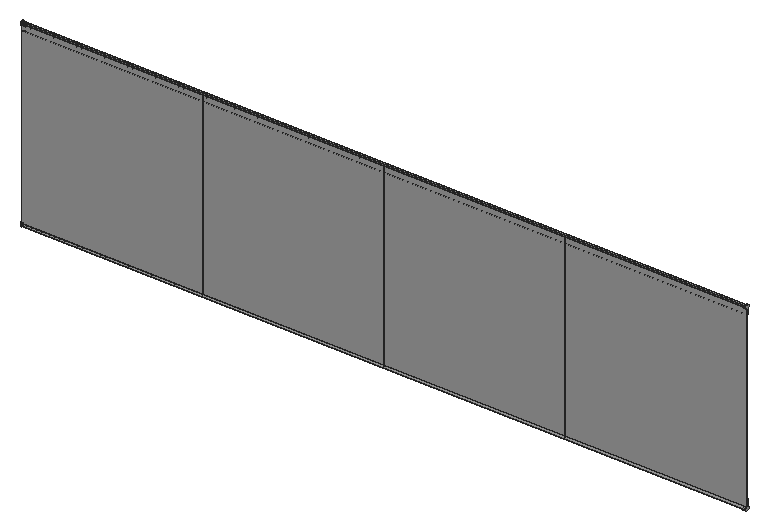
Revit family "Unity Glass Wall 4x16", category Generic Models, Revit 2018
Family settings
  Can host rebar = No
  Round Connector Dimension = Use Diameter
  Part Type = Normal
  Work Plane-Based = No
  Always vertical = Yes
  Cut with Voids When Loaded = No
  Shared = No
  Room Calculation Point = No
Parameters
  Panel #4 = Unity Glass Wall 4x16 Panel #4
  Panel #3 = Unity Glass Wall 4x16 Panel #3
  Panel #2 = Unity Glass Wall 4x16 Panel #2
  Panel #1 = Unity Glass Wall 4x16 Panel #1
Reference planes (in)
  plane 1 "Center (Front/Back)": y = 0
  plane 2: z = 0
  plane 3 "Center (Left/Right)": x = 0
Forms (in)
  Extrusion 1, solid, material "Unity Glass Wall Trim Metal"
    sketch origin (-47.24409, 0, -5.62795) x (0, 1, 0) y (0, 0, 1)
      loop
        line (0, 83.30899) -> (-0.645, 83.30899)
        arc (-0.645, 83.30899) -> (-0.70034, 83.28391) -> (-0.71795, 83.22577) r 0.07358
        arc (-0.71795, 83.22577) -> (-0.66251, 82.98163) -> (-0.5634, 82.75172) r 1.36464
        arc (-0.5634, 82.75172) -> (-0.54859, 82.73439) -> (-0.52802, 82.72453) r 0.05514
        line (-0.52802, 82.72453) -> (-0.48302, 82.72453) -> (-0.48302, 82.77531) -> (-0.51842, 82.77531)
        arc (-0.51842, 82.77531) -> (-0.6141, 82.99698) -> (-0.66761, 83.23242) r 1.31386
        arc (-0.66761, 83.23242) -> (-0.66215, 83.25044) -> (-0.645, 83.25821) r 0.0228
        line (-0.645, 83.25821) -> (-0.05078, 83.25821) -> (-0.05078, 82.12852) -> (-0.118, 82.19574) -> (-0.118, 82.45703) -> (-0.166, 82.45703) -> (-0.166, 82.19574)
        arc (-0.166, 82.19574) -> (-0.16235, 82.17737) -> (-0.15194, 82.1618) r 0.048
        line (-0.15194, 82.1618) -> (-0.1, 82.10985) -> (-0.1, 81.00078)
        arc (-0.1, 81.00078) -> (-0.05, 80.95078) -> (0, 81.00078) r 0.05
        line (0, 81.00078) -> (0, 83.30899)
    from -47.24409 to 141.53228
  Extrusion 2, solid, material "Unity Glass Wall 4x16 Panel #2" <- "Panel #2"
    sketch origin (-47.24409, 0, -5.35978) x (0, 1, 0) y (0, 0, 1)
      loop
        line (-0.48802, 35.58341) -> (-0.28802, 35.58341) -> (-0.28802, 82.8216) -> (-0.48802, 82.8216) -> (-0.48802, 35.58341)
    from 0 to 47.24409
  Extrusion 3, solid, material "Unity Glass Wall 4x16 Panel #1" <- "Panel #1"
    sketch origin (-47.24409, 0, -5.35978) x (0, 1, 0) y (0, 0, -1)
      loop
        line (-0.48802, -35.58341) -> (-0.48802, -82.8216) -> (-0.28802, -82.8216) -> (-0.28802, -35.58341) -> (-0.48802, -35.58341)
    from 0 to 47.24409
  Extrusion 4, solid, material "Unity Glass Wall 4x16 Panel #4" <- "Panel #4"
    sketch origin (47.24409, 0, -5.35978) x (0, 1, 0) y (0, 0, 1)
      loop
        line (-0.48802, 35.58341) -> (-0.28802, 35.58341) -> (-0.28802, 82.8216) -> (-0.48802, 82.8216) -> (-0.48802, 35.58341)
    from 0 to 47.24409
  Extrusion 5, solid, material "Unity Glass Wall Trim Metal"
    sketch origin (-47.24409, 0, -5.62795) x (0, 1, 0) y (0, 0, 1)
      loop
        line (0, 83.35978) -> (-0.645, 83.35978)
        arc (-0.645, 83.35978) -> (-0.73852, 83.31739) -> (-0.76829, 83.21911) r 0.12436
        arc (-0.76829, 83.21911) -> (-0.55414, 82.63679) -> (-0.11151, 82.20201) r 1.41542
        arc (-0.11151, 82.20201) -> (-0.09645, 82.19579) -> (-0.08019, 82.19478) r 0.04981
        line (-0.08019, 82.19478) -> (0, 82.19478) -> (0, 83.35978)
    from -47.24409 to -47.34409
  Extrusion 6, solid, material "Unity Glass Wall Trim Metal"
    sketch origin (-141.73228, 0, -5.62795) x (0, 1, 0) y (0, 0, -1)
      loop
        line (0, -83.35978) -> (0, -81.00078)
        arc (0, -81.00078) -> (-0.05, -80.95078) -> (-0.1, -81.00078) r 0.05
        line (-0.1, -81.00078) -> (-0.1, -82.10985) -> (-0.15194, -82.1618)
        arc (-0.15194, -82.1618) -> (-0.16235, -82.17737) -> (-0.166, -82.19574) r 0.048
        line (-0.166, -82.19574) -> (-0.166, -82.45703) -> (-0.118, -82.45703) -> (-0.118, -82.19574) -> (-0.048, -82.12574) -> (-0.048, -83.30899) -> (-0.645, -83.30899)
        arc (-0.645, -83.30899) -> (-0.70034, -83.28391) -> (-0.71795, -83.22577) r 0.07358
        arc (-0.71795, -83.22577) -> (-0.66202, -82.98012) -> (-0.56188, -82.74894) r 1.36464
        arc (-0.56188, -82.74894) -> (-0.5474, -82.73362) -> (-0.52802, -82.72531) r 0.05198
        line (-0.52802, -82.72531) -> (-0.48302, -82.72531) -> (-0.48302, -82.67453) -> (-0.5309, -82.67453)
        arc (-0.5309, -82.67453) -> (-0.56773, -82.68318) -> (-0.59684, -82.70734) r 0.08265
        arc (-0.59684, -82.70734) -> (-0.70718, -82.95498) -> (-0.76829, -83.21911) r 1.41542
        arc (-0.76829, -83.21911) -> (-0.73852, -83.31739) -> (-0.645, -83.35978) r 0.12436
        line (-0.645, -83.35978) -> (0, -83.35978)
    from -47.24409 to -47.44409
  Extrusion 7, solid, material "Unity Glass Wall Trim Metal"
    sketch origin (47.24409, 0, -5.62795) x (0, 1, 0) y (0, 0, -1)
      loop
        line (0, -83.35978) -> (0, -82.19478) -> (-0.08019, -82.19478)
        arc (-0.08019, -82.19478) -> (-0.09645, -82.19579) -> (-0.11151, -82.20201) r 0.04981
        arc (-0.11151, -82.20201) -> (-0.55414, -82.63679) -> (-0.76829, -83.21911) r 1.41542
        arc (-0.76829, -83.21911) -> (-0.73852, -83.31739) -> (-0.645, -83.35978) r 0.12436
        line (-0.645, -83.35978) -> (0, -83.35978)
    from -47.24409 to -47.34409
  Extrusion 8, solid, material "Unity Glass Wall Trim Metal"
    sketch origin (141.73228, 0, -5.62795) x (0, 1, 0) y (0, 0, 1)
      loop
        line (0, 83.35978) -> (-0.645, 83.35978)
        arc (-0.645, 83.35978) -> (-0.73852, 83.31739) -> (-0.76829, 83.21911) r 0.12436
        arc (-0.76829, 83.21911) -> (-0.70718, 82.95498) -> (-0.59684, 82.70734) r 1.41542
        arc (-0.59684, 82.70734) -> (-0.56773, 82.68318) -> (-0.5309, 82.67453) r 0.08265
        line (-0.5309, 82.67453) -> (-0.48302, 82.67453) -> (-0.48302, 82.72531) -> (-0.52802, 82.72531)
        arc (-0.52802, 82.72531) -> (-0.5474, 82.73362) -> (-0.56188, 82.74894) r 0.05198
        arc (-0.56188, 82.74894) -> (-0.66202, 82.98012) -> (-0.71795, 83.22577) r 1.36464
        arc (-0.71795, 83.22577) -> (-0.70034, 83.28391) -> (-0.645, 83.30899) r 0.07358
        line (-0.645, 83.30899) -> (-0.048, 83.30899) -> (-0.048, 82.12574) -> (-0.118, 82.19574) -> (-0.118, 82.45703) -> (-0.166, 82.45703) -> (-0.166, 82.19574)
        arc (-0.166, 82.19574) -> (-0.16235, 82.17737) -> (-0.15194, 82.1618) r 0.048
        line (-0.15194, 82.1618) -> (-0.1, 82.10985) -> (-0.1, 81.00078)
        arc (-0.1, 81.00078) -> (-0.05, 80.95078) -> (0, 81.00078) r 0.05
        line (0, 81.00078) -> (0, 83.35978)
    from -47.24409 to -47.44409
  Extrusion 9, solid, material "Unity Glass Wall Trim Metal"
    sketch origin (-47.24409, 0, 113.31341) x (0, 1, 0) y (0, 0, 1)
      loop
        line (0, -83.30899) -> (0, -81.00078)
        arc (0, -81.00078) -> (-0.05, -80.95078) -> (-0.1, -81.00078) r 0.05
        line (-0.1, -81.00078) -> (-0.1, -82.10985) -> (-0.15194, -82.1618)
        arc (-0.15194, -82.1618) -> (-0.16235, -82.17737) -> (-0.166, -82.19574) r 0.048
        line (-0.166, -82.19574) -> (-0.166, -82.45703) -> (-0.118, -82.45703) -> (-0.118, -82.19574) -> (-0.05078, -82.12852) -> (-0.05078, -83.25821) -> (-0.645, -83.25821)
        arc (-0.645, -83.25821) -> (-0.66215, -83.25044) -> (-0.66761, -83.23242) r 0.0228
        arc (-0.66761, -83.23242) -> (-0.6141, -82.99698) -> (-0.51842, -82.77531) r 1.31386
        line (-0.51842, -82.77531) -> (-0.48302, -82.77531) -> (-0.48302, -82.72453) -> (-0.52802, -82.72453)
        arc (-0.52802, -82.72453) -> (-0.54859, -82.73439) -> (-0.5634, -82.75172) r 0.05514
        arc (-0.5634, -82.75172) -> (-0.66251, -82.98163) -> (-0.71795, -83.22577) r 1.36464
        arc (-0.71795, -83.22577) -> (-0.70034, -83.28391) -> (-0.645, -83.30899) r 0.07358
        line (-0.645, -83.30899) -> (0, -83.30899)
    from -47.24409 to 141.53228
  Extrusion 10, solid, material "Unity Glass Wall Trim Metal"
    sketch origin (-47.24409, 0, 113.31341) x (0, 1, 0) y (0, 0, 1)
      loop
        line (0, -83.35978) -> (0, -82.19478) -> (-0.08019, -82.19478)
        arc (-0.08019, -82.19478) -> (-0.09645, -82.19579) -> (-0.11151, -82.20201) r 0.04981
        arc (-0.11151, -82.20201) -> (-0.55414, -82.63679) -> (-0.76829, -83.21911) r 1.41542
        arc (-0.76829, -83.21911) -> (-0.73852, -83.31739) -> (-0.645, -83.35978) r 0.12436
        line (-0.645, -83.35978) -> (0, -83.35978)
    from -47.24409 to -47.34409
  Extrusion 11, solid, material "Unity Glass Wall Trim Metal"
    sketch origin (-141.73228, 0, 113.31341) x (0, 1, 0) y (0, 0, -1)
      loop
        line (0, 83.35978) -> (-0.645, 83.35978)
        arc (-0.645, 83.35978) -> (-0.73852, 83.31739) -> (-0.76829, 83.21911) r 0.12436
        arc (-0.76829, 83.21911) -> (-0.70718, 82.95498) -> (-0.59684, 82.70734) r 1.41542
        arc (-0.59684, 82.70734) -> (-0.56773, 82.68318) -> (-0.5309, 82.67453) r 0.08265
        line (-0.5309, 82.67453) -> (-0.48302, 82.67453) -> (-0.48302, 82.72531) -> (-0.52802, 82.72531)
        arc (-0.52802, 82.72531) -> (-0.5474, 82.73362) -> (-0.56188, 82.74894) r 0.05198
        arc (-0.56188, 82.74894) -> (-0.66202, 82.98012) -> (-0.71795, 83.22577) r 1.36464
        arc (-0.71795, 83.22577) -> (-0.70034, 83.28391) -> (-0.645, 83.30899) r 0.07358
        line (-0.645, 83.30899) -> (-0.048, 83.30899) -> (-0.048, 82.12574) -> (-0.118, 82.19574) -> (-0.118, 82.45703) -> (-0.166, 82.45703) -> (-0.166, 82.19574)
        arc (-0.166, 82.19574) -> (-0.16235, 82.17737) -> (-0.15194, 82.1618) r 0.048
        line (-0.15194, 82.1618) -> (-0.1, 82.10985) -> (-0.1, 81.00078)
        arc (-0.1, 81.00078) -> (-0.05, 80.95078) -> (0, 81.00078) r 0.05
        line (0, 81.00078) -> (0, 83.35978)
    from -47.24409 to -47.44409
  Extrusion 12, solid, material "Unity Glass Wall Trim Metal"
    sketch origin (47.24409, 0, 113.31341) x (0, 1, 0) y (0, 0, -1)
      loop
        line (0, 83.35978) -> (-0.645, 83.35978)
        arc (-0.645, 83.35978) -> (-0.73852, 83.31739) -> (-0.76829, 83.21911) r 0.12436
        arc (-0.76829, 83.21911) -> (-0.55414, 82.63679) -> (-0.11151, 82.20201) r 1.41542
        arc (-0.11151, 82.20201) -> (-0.09645, 82.19579) -> (-0.08019, 82.19478) r 0.04981
        line (-0.08019, 82.19478) -> (0, 82.19478) -> (0, 83.35978)
    from -47.24409 to -47.34409
  Extrusion 13, solid, material "Unity Glass Wall Trim Metal"
    sketch origin (141.73228, 0, 113.31341) x (0, 1, 0) y (0, 0, 1)
      loop
        line (0, -83.35978) -> (0, -81.00078)
        arc (0, -81.00078) -> (-0.05, -80.95078) -> (-0.1, -81.00078) r 0.05
        line (-0.1, -81.00078) -> (-0.1, -82.10985) -> (-0.15194, -82.1618)
        arc (-0.15194, -82.1618) -> (-0.16235, -82.17737) -> (-0.166, -82.19574) r 0.048
        line (-0.166, -82.19574) -> (-0.166, -82.45703) -> (-0.118, -82.45703) -> (-0.118, -82.19574) -> (-0.048, -82.12574) -> (-0.048, -83.30899) -> (-0.645, -83.30899)
        arc (-0.645, -83.30899) -> (-0.70034, -83.28391) -> (-0.71795, -83.22577) r 0.07358
        arc (-0.71795, -83.22577) -> (-0.66202, -82.98012) -> (-0.56188, -82.74894) r 1.36464
        arc (-0.56188, -82.74894) -> (-0.5474, -82.73362) -> (-0.52802, -82.72531) r 0.05198
        line (-0.52802, -82.72531) -> (-0.48302, -82.72531) -> (-0.48302, -82.67453) -> (-0.5309, -82.67453)
        arc (-0.5309, -82.67453) -> (-0.56773, -82.68318) -> (-0.59684, -82.70734) r 0.08265
        arc (-0.59684, -82.70734) -> (-0.70718, -82.95498) -> (-0.76829, -83.21911) r 1.41542
        arc (-0.76829, -83.21911) -> (-0.73852, -83.31739) -> (-0.645, -83.35978) r 0.12436
        line (-0.645, -83.35978) -> (0, -83.35978)
    from -47.24409 to -47.44409
  Extrusion 14, solid, material "Unity Glass Wall 4x16 Panel #3" <- "Panel #3"
    sketch origin (0, 0, -5.35978) x (0, 1, 0) y (0, 0, 1)
      loop
        line (-0.48802, 35.58341) -> (-0.28802, 35.58341) -> (-0.28802, 82.8216) -> (-0.48802, 82.8216) -> (-0.48802, 35.58341)
    from 0 to 47.24409
Dimensions and locks (in)
  aligned and locked: plane 2 to level
